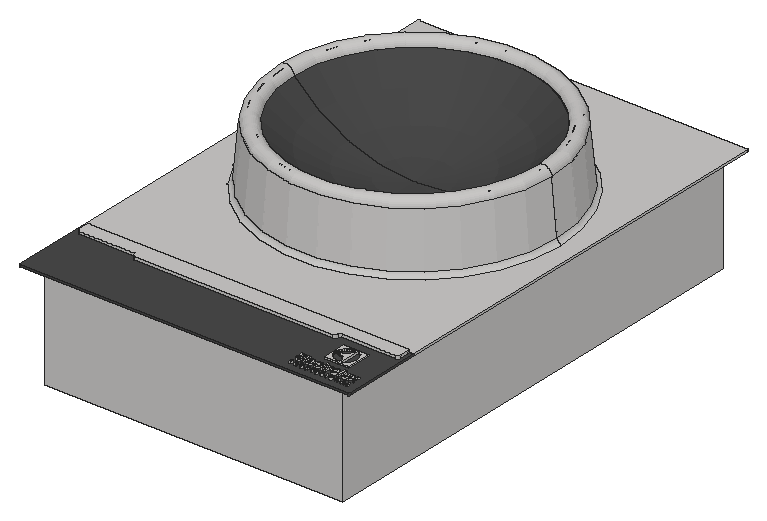
Revit family "QF_ELECTROLUXPROFESSIONAL_600880_E1HCEDOMCS", category Specialty Equipment, Revit 2018
Family settings
  Round Connector Dimension = Use Diameter
  Part Type = Normal
  Work Plane-Based = No
  Always vertical = Yes
  Cut with Voids When Loaded = No
  Shared = No
  Room Calculation Point = No
Parameters (values of type "Standard")
  Watts = 0 W
  Volts = 220 V
  URL = "http://professional.electrolux.com"
  Steam Supply Size = 0 mm
  Steam Supply Minimum Pressure = 0.0 Pa
  Steam Supply Maximum Pressure = 0.0 Pa
  Steam Pounds per Hour = 0
  Show Logo [instance] = yes
  Manufacturer = "Electrolux Professional"
  Phase = 1
  Model = "E1HCEDOMCS"
  Item Number = "600880"
  Hot Water Size = 0 mm
  HP = "4.7 HP"
  Gas Size = 0 mm
  Gas KW = 0
  Direct Waste Size = 0 mm
  Description = "PLUG-IN INDUCTION WOK, DROP-IN"
  Cycle = 60 Hz
  Condensate Return Size = 0 mm
  Compressed Air Volume = 0.0 L/s
  Compressed Air Size = 0 mm
  Compressed Air Pressure = 0.0 Pa
  Cold Water Size = 0 mm
Values of the unnamed type that differ from the named types
  Volts = 0 V
  Item Number = ""
  Cycle = 0 Hz
Reference planes
  plane 1 "Centro (Fronte/Retro)": y = 74.737
  plane 2: z = 0
  plane 3: x = -514.269
  plane 4 "LEFT": x = -709.269
  plane 5 "RIGHT": x = -319.269
  plane 6 "BACK": y = 369.737
  plane 7 "FRONT": y = -220.263
  plane 8: y = -124.263
  plane 9: z = 774
  plane 10: x = -690.269
  plane 11: x = -338.269
  plane 12: y = 355.737
  plane 13: y = -205.263
  plane 14: x = -442.269
  plane 15: y = 179.737
  plane 16: z = 900
Forms (mm)
  Extrusion 1, solid, material "QF_Finishes_Stainless Steel"
    sketch origin (0, 0, 774) x (1, 0, 0) y (0, 1, 0)
      loop
        line (-341.269, 352.737) -> (-687.269, 352.737) -> (-687.269, -202.263) -> (-341.269, -202.263) -> (-341.269, 352.737)
      loop
        line (-690.269, 355.737) -> (-690.269, -205.263) -> (-338.269, -205.263) -> (-338.269, 355.737) -> (-690.269, 355.737)
    from 21 to 126
  Extrusion 2, solid, material "QF_Finishes_Black"
    sketch origin (0, 0, 900) x (-1, 0, 0) y (0, -1, 0)
      loop
        line (709.269, 124.263) -> (709.269, 218.263)
        arc (709.269, 218.263) -> (708.683, 219.677) -> (707.269, 220.263) r 2
        line (707.269, 220.263) -> (321.269, 220.263)
        arc (321.269, 220.263) -> (319.854, 219.677) -> (319.269, 218.263) r 2
        line (319.269, 218.263) -> (319.269, 124.263) -> (709.269, 124.263)
    from 0 to 2
  Extrusion 3, solid, material "QF_Finishes_Stainless Steel"
    sketch origin (0, 0, 900) x (-1, 0, 0) y (0, -1, 0)
      loop
        arc (701.269, 124.263) -> (703.39, 125.142) -> (704.269, 127.263) r 3
        line (704.269, 127.263) -> (704.269, 137.763)
        arc (704.269, 137.763) -> (703.39, 139.884) -> (701.269, 140.763) r 3
        line (701.269, 140.763) -> (637.269, 140.763)
        arc (637.269, 140.763) -> (635.147, 141.642) -> (634.269, 143.763) r 3
        arc (634.269, 143.763) -> (633.39, 145.884) -> (631.269, 146.763) r 3
        line (631.269, 146.763) -> (397.269, 146.763)
        arc (397.269, 146.763) -> (395.147, 145.884) -> (394.269, 143.763) r 3
        arc (394.269, 143.763) -> (393.39, 141.642) -> (391.269, 140.763) r 3
        line (391.269, 140.763) -> (327.269, 140.763)
        arc (327.269, 140.763) -> (325.147, 139.884) -> (324.269, 137.763) r 3
        line (324.269, 137.763) -> (324.269, 127.263)
        arc (324.269, 127.263) -> (325.147, 125.142) -> (327.269, 124.263) r 3
        line (327.269, 124.263) -> (701.269, 124.263)
    from 2 to 5
  Extrusion 4, solid, material "QF_Finishes_Stainless Steel"
    sketch origin (0, 0, 775) x (1, 0, 0) y (0, 1, 0)
      loop
        line (-690.269, 355.737) -> (-690.269, -205.263) -> (-338.269, -205.263) -> (-338.269, 355.737) -> (-690.269, 355.737)
    from 0 to 20
  Extrusion 5, solid, material "QF_Finishes_Stainless Steel"
    sketch origin (0, 0, 127) x (-1, 0, 0) y (0, -1, 0)
      loop
        circle (442.269, -179.737) r 10
    from 638.028 to 648
  Revolve 6, solid, material "QF_Finishes_Stainless Steel"
    sketch origin (0, 120.237, 2) x (-1, 0, 0) y (0, 0, 1)
      loop
        arc (349.07, 900) -> (350.454, 902.553) -> (351.23, 905.352) r 12.856
        line (351.23, 905.352) -> (357.255, 968.615)
        arc (357.255, 968.615) -> (361.677, 972.996) -> (366.45, 969) r 4.622
        line (366.45, 969) -> (371.472, 969)
        arc (371.472, 969) -> (361.87, 978) -> (352.269, 969) r 9.622
        line (352.269, 969) -> (346.269, 906)
        arc (346.269, 906) -> (344.567, 902.335) -> (341.269, 900) r 7.856
        line (341.269, 900) -> (349.07, 900)
      axis (514.269, 900) -> (514.269, 969)
    angle from 0 to 360
  Revolve 7, solid, material "QF_Finishes_Black"
    sketch origin (0, 120.237, 2) x (-1, 0, 0) y (0, 0, 1)
      loop
        line (371.472, 969) -> (366.45, 969)
        arc (366.45, 969) -> (432.848, 918.929) -> (514.269, 902) r 190.056
        line (514.269, 902) -> (514.269, 906)
        arc (514.269, 906) -> (436.232, 922.453) -> (371.472, 969) r 193.372
      axis (514.269, 969) -> (514.269, 902)
    angle from 0 to 360
  Extrusion 8, solid, material "QF_Finishes_Stainless Steel"
    sketch origin (0, 96, 900) x (-1, 0, 0) y (0, -1, 0)
      loop
        arc (707.269, -273.737) -> (708.683, -273.151) -> (709.269, -271.737) r 2
        line (709.269, -271.737) -> (709.269, 220.263) -> (319.269, 220.263) -> (319.269, -271.737)
        arc (319.269, -271.737) -> (319.854, -273.151) -> (321.269, -273.737) r 2
        line (321.269, -273.737) -> (707.269, -273.737)
    from 0 to 2
Cuts and joins
  joined: Extrusion 1, Extrusion 4
Lines and regions (mm)
  Split face 1
    outline origin (0, 0, 902) x (-1, 0, 0) y (0, -1, 0)
      loop
        line (324.269, 124.263) -> (704.269, 124.263) -> (704.269, 623.263) -> (324.269, 623.263) -> (324.269, 124.263)
  symbolic lines
    curve 1: line (-701.269, -140.763, 126) -> (-637.269, -140.763, 126)
    curve 2: arc (-637.269, -140.763, 126) -> (-635.147, -141.642, 126) -> (-634.269, -143.763, 126) r 3
    curve 3: arc (-634.269, -143.763, 126) -> (-633.39, -145.884, 126) -> (-631.269, -146.763, 126) r 3
    curve 4: line (-631.269, -146.763, 126) -> (-397.269, -146.763, 126)
    curve 5: arc (-397.269, -146.763, 126) -> (-395.147, -145.884, 126) -> (-394.269, -143.763, 126) r 3
    curve 6: arc (-394.269, -143.763, 126) -> (-393.39, -141.642, 126) -> (-391.269, -140.763, 126) r 3
    curve 7: line (-391.269, -140.763, 126) -> (-327.269, -140.763, 126)
    curve 8: arc (-327.269, -140.763, 126) -> (-325.147, -139.884, 126) -> (-324.269, -137.763, 126) r 3
    curve 9: line (-324.269, -137.763, 126) -> (-324.269, -127.263, 126)
    curve 10: arc (-324.269, -127.263, 126) -> (-325.147, -125.142, 126) -> (-327.269, -124.263, 126) r 3
    curve 11: line (-319.269, -124.263, 126) -> (-709.269, -124.263, 126)
    curve 12: arc (-701.269, -124.263, 126) -> (-703.39, -125.142, 126) -> (-704.269, -127.263, 126) r 3
    curve 13: line (-704.269, -127.263, 126) -> (-704.269, -137.763, 126)
    curve 14: arc (-704.269, -137.763, 126) -> (-703.39, -139.884, 126) -> (-701.269, -140.763, 126) r 3
    curve 15: line (-321.269, 369.737, 126) -> (-707.269, 369.737, 126)
    curve 16: arc (-707.269, 369.737, 126) -> (-708.683, 369.151, 126) -> (-709.269, 367.737, 126) r 2
    curve 17: line (-709.269, 367.737, 126) -> (-709.269, -218.263, 126)
    curve 18: arc (-709.269, -218.263, 126) -> (-708.683, -219.677, 126) -> (-707.269, -220.263, 126) r 2
    curve 19: line (-707.269, -220.263, 126) -> (-321.269, -220.263, 126)
    curve 20: arc (-321.269, -220.263, 126) -> (-319.854, -219.677, 126) -> (-319.269, -218.263, 126) r 2
    curve 21: line (-319.269, -218.263, 126) -> (-319.269, 367.737, 126)
    curve 22: arc (-319.269, 367.737, 126) -> (-319.854, 369.151, 126) -> (-321.269, 369.737, 126) r 2
    curve 23: line (-378.626, -153.452, 126) -> (-378.626, -182.168, 126)
    curve 24: line (-349.912, -153.452, 126) -> (-378.626, -153.452, 126)
    curve 25: line (-349.912, -182.168, 126) -> (-349.912, -153.452, 126)
    curve 26: line (-378.626, -182.168, 126) -> (-349.912, -182.168, 126)
    curve 27: line (-366.78, -170.975, 126) -> (-365.524, -171.98, 126)
    curve 28: line (-365.524, -171.98, 126) -> (-364.403, -173.12, 126)
    curve 29: line (-364.403, -173.12, 126) -> (-363.439, -174.381, 126)
    curve 30: line (-363.439, -174.381, 126) -> (-362.652, -175.748, 126)
    curve 31: arc (-362.652, -175.748, 126) -> (-361.85, -177.982, 126) -> (-361.568, -180.34, 126) r 10.532
    curve 32: arc (-361.568, -180.34, 126) -> (-362.906, -180.548, 126) -> (-364.258, -180.63, 126) r 14.39
    curve 33: line (-364.258, -180.63, 126) -> (-365.828, -180.532, 126)
    curve 34: line (-365.828, -180.532, 126) -> (-367.331, -180.252, 126)
    curve 35: line (-367.331, -180.252, 126) -> (-368.77, -179.801, 126)
    curve 36: line (-368.77, -179.801, 126) -> (-370.134, -179.191, 126)
    curve 37: line (-370.134, -179.191, 126) -> (-371.411, -178.434, 126)
    curve 38: line (-371.411, -178.434, 126) -> (-372.589, -177.541, 126)
    curve 39: line (-372.589, -177.541, 126) -> (-373.656, -176.525, 126)
    curve 40: line (-373.656, -176.525, 126) -> (-374.6, -175.397, 126)
    curve 41: line (-374.6, -175.397, 126) -> (-375.41, -174.168, 126)
    curve 42: line (-375.41, -174.168, 126) -> (-376.073, -172.852, 126)
    curve 43: line (-376.073, -172.852, 126) -> (-376.579, -171.46, 126)
    curve 44: line (-376.579, -171.46, 126) -> (-376.915, -170.003, 126)
    curve 45: line (-376.915, -170.003, 126) -> (-377.069, -168.493, 126)
    curve 46: line (-377.069, -168.493, 126) -> (-374.35, -168.493, 126)
    curve 47: line (-374.35, -168.493, 126) -> (-372.734, -168.602, 126)
    curve 48: line (-372.734, -168.602, 126) -> (-371.148, -168.919, 126)
    curve 49: line (-371.148, -168.919, 126) -> (-369.613, -169.43, 126)
    curve 50: line (-369.613, -169.43, 126) -> (-368.15, -170.12, 126)
    curve 51: line (-368.15, -170.12, 126) -> (-366.78, -170.975, 126)
    curve 52: line (-364.403, -162.507, 126) -> (-365.524, -163.648, 126)
    curve 53: line (-365.524, -163.648, 126) -> (-366.781, -164.654, 126)
    curve 54: line (-366.781, -164.654, 126) -> (-368.151, -165.509, 126)
    curve 55: line (-368.151, -165.509, 126) -> (-369.615, -166.2, 126)
    curve 56: line (-369.615, -166.2, 126) -> (-371.15, -166.712, 126)
    curve 57: line (-371.15, -166.712, 126) -> (-372.736, -167.029, 126)
    curve 58: line (-372.736, -167.029, 126) -> (-374.352, -167.138, 126)
    curve 59: line (-374.352, -167.138, 126) -> (-377.067, -167.138, 126)
    curve 60: line (-377.067, -167.138, 126) -> (-376.852, -165.495, 126)
    curve 61: line (-376.852, -165.495, 126) -> (-376.439, -163.92, 126)
    curve 62: line (-376.439, -163.92, 126) -> (-375.841, -162.424, 126)
    curve 63: line (-375.841, -162.424, 126) -> (-375.07, -161.023, 126)
    curve 64: line (-375.07, -161.023, 126) -> (-374.141, -159.732, 126)
    curve 65: line (-374.141, -159.732, 126) -> (-373.065, -158.564, 126)
    curve 66: line (-373.065, -158.564, 126) -> (-371.856, -157.535, 126)
    curve 67: line (-371.856, -157.535, 126) -> (-370.527, -156.661, 126)
    curve 68: line (-370.527, -156.661, 126) -> (-369.091, -155.954, 126)
    curve 69: line (-369.091, -155.954, 126) -> (-367.562, -155.431, 126)
    curve 70: line (-367.562, -155.431, 126) -> (-365.952, -155.107, 126)
    curve 71: arc (-365.952, -155.107, 126) -> (-363.752, -155.007, 126) -> (-361.567, -155.279, 126) r 13.008
    curve 72: arc (-361.567, -155.279, 126) -> (-361.815, -157.647, 126) -> (-362.651, -159.876, 126) r 9.395
    curve 73: line (-362.651, -159.876, 126) -> (-363.438, -161.245, 126)
    curve 74: line (-363.438, -161.245, 126) -> (-364.403, -162.507, 126)
    curve 75: line (-360.221, -179.969, 126) -> (-360.221, -155.646, 126)
    curve 76: line (-360.221, -155.646, 126) -> (-358.743, -156.237, 126)
    curve 77: line (-358.743, -156.237, 126) -> (-357.363, -157.003, 126)
    curve 78: line (-357.363, -157.003, 126) -> (-356.095, -157.931, 126)
    curve 79: line (-356.095, -157.931, 126) -> (-354.951, -159.007, 126)
    curve 80: line (-354.951, -159.007, 126) -> (-353.945, -160.217, 126)
    curve 81: line (-353.945, -160.217, 126) -> (-353.092, -161.548, 126)
    curve 82: line (-353.092, -161.548, 126) -> (-352.403, -162.986, 126)
    curve 83: line (-352.403, -162.986, 126) -> (-351.894, -164.517, 126)
    curve 84: line (-351.894, -164.517, 126) -> (-351.576, -166.128, 126)
    curve 85: line (-351.576, -166.128, 126) -> (-351.464, -167.804, 126)
    curve 86: line (-351.464, -167.804, 126) -> (-351.567, -169.456, 126)
    curve 87: line (-351.567, -169.456, 126) -> (-351.873, -171.047, 126)
    curve 88: line (-351.873, -171.047, 126) -> (-352.372, -172.563, 126)
    curve 89: line (-352.372, -172.563, 126) -> (-353.05, -173.992, 126)
    curve 90: line (-353.05, -173.992, 126) -> (-353.897, -175.319, 126)
    curve 91: line (-353.897, -175.319, 126) -> (-354.899, -176.532, 126)
    curve 92: line (-354.899, -176.532, 126) -> (-356.044, -177.617, 126)
    curve 93: line (-356.044, -177.617, 126) -> (-357.321, -178.56, 126)
    curve 94: line (-357.321, -178.56, 126) -> (-358.718, -179.349, 126)
    curve 95: line (-358.718, -179.349, 126) -> (-360.221, -179.969, 126)
    curve 96: line (-392.542, -189.445, 126) -> (-399.495, -189.445, 126)
    curve 97: line (-399.495, -189.445, 126) -> (-399.495, -193.353, 126)
    curve 98: line (-399.495, -193.353, 126) -> (-399.495, -197.154, 126)
    curve 99: arc (-399.495, -197.154, 126) -> (-398.466, -199.638, 126) -> (-395.982, -200.667, 126) r 3.513
    curve 100: line (-395.982, -200.667, 126) -> (-392.408, -200.667, 126)
    curve 101: line (-392.408, -200.667, 126) -> (-392.408, -198.85, 126)
    curve 102: line (-392.408, -198.85, 126) -> (-395.966, -198.85, 126)
    curve 103: arc (-395.966, -198.85, 126) -> (-397.094, -198.382, 126) -> (-397.562, -197.254, 126) r 1.596
    curve 104: line (-397.562, -197.254, 126) -> (-397.562, -195.74, 126)
    curve 105: line (-397.562, -195.74, 126) -> (-392.843, -195.74, 126)
    curve 106: line (-392.843, -195.74, 126) -> (-392.843, -193.917, 126)
    curve 107: line (-392.843, -193.917, 126) -> (-397.563, -193.917, 126)
    curve 108: line (-397.563, -193.917, 126) -> (-397.563, -191.264, 126)
    curve 109: line (-397.563, -191.264, 126) -> (-392.542, -191.264, 126)
    curve 110: line (-392.542, -191.264, 126) -> (-392.542, -189.445, 126)
    curve 111: line (-391.035, -189.455, 126) -> (-391.035, -194.76, 126)
    curve 112: line (-391.035, -194.76, 126) -> (-391.035, -200.681, 126)
    curve 113: line (-391.035, -200.681, 126) -> (-389.101, -200.681, 126)
    curve 114: line (-389.101, -200.681, 126) -> (-389.101, -194.721, 126)
    curve 115: line (-389.101, -194.721, 126) -> (-389.101, -189.455, 126)
    curve 116: line (-389.101, -189.455, 126) -> (-391.035, -189.455, 126)
    curve 117: arc (-380.394, -193.787, 126) -> (-383.654, -192.313, 126) -> (-386.913, -193.787, 126) r 4.34
    curve 118: arc (-386.913, -193.787, 126) -> (-387.819, -196.606, 126) -> (-386.913, -199.425, 126) r 4.838
    curve 119: arc (-386.913, -199.425, 126) -> (-383.498, -200.88, 126) -> (-380.082, -199.425, 126) r 4.737
    curve 120: line (-380.082, -199.425, 126) -> (-381.246, -198.293, 126)
    curve 121: arc (-381.246, -198.293, 126) -> (-383.382, -199.237, 126) -> (-385.517, -198.293, 126) r 2.888
    curve 122: arc (-385.517, -198.293, 126) -> (-385.841, -197.736, 126) -> (-385.905, -197.095, 126) r 1.527
    curve 123: line (-385.905, -197.095, 126) -> (-379.564, -197.095, 126)
    curve 124: arc (-379.564, -197.095, 126) -> (-379.672, -195.364, 126) -> (-380.394, -193.787, 126) r 4.757
    curve 125: arc (-385.858, -195.736, 126) -> (-385.043, -194.411, 126) -> (-383.56, -193.941, 126) r 2.23
    curve 126: arc (-383.56, -193.941, 126) -> (-382.221, -194.482, 126) -> (-381.505, -195.736, 126) r 2.201
    curve 127: line (-381.505, -195.736, 126) -> (-385.858, -195.736, 126)
    curve 128: arc (-370.832, -193.681, 126) -> (-378.564, -196.594, 126) -> (-370.832, -199.507, 126) r 4.415
    curve 129: line (-370.832, -199.507, 126) -> (-372.029, -198.26, 126)
    curve 130: arc (-372.029, -198.26, 126) -> (-376.639, -196.593, 126) -> (-372.029, -194.927, 126) r 2.606
    curve 131: line (-372.029, -194.927, 126) -> (-370.832, -193.681, 126)
    curve 132: line (-369.629, -189.455, 126) -> (-369.629, -193.481, 126)
    curve 133: line (-369.629, -193.481, 126) -> (-369.629, -197.299, 126)
    curve 134: arc (-369.629, -197.299, 126) -> (-368.592, -199.893, 126) -> (-365.911, -200.681, 126) r 3.196
    curve 135: line (-365.911, -200.681, 126) -> (-365.904, -198.864, 126)
    curve 136: arc (-365.904, -198.864, 126) -> (-367.239, -198.457, 126) -> (-367.699, -197.14, 126) r 1.542
    curve 137: line (-367.699, -197.14, 126) -> (-367.699, -194.319, 126)
    curve 138: line (-367.699, -194.319, 126) -> (-365.94, -194.319, 126)
    curve 139: line (-365.94, -194.319, 126) -> (-365.94, -192.562, 126)
    curve 140: line (-365.94, -192.562, 126) -> (-367.696, -192.562, 126)
    curve 141: line (-367.696, -192.562, 126) -> (-367.696, -189.455, 126)
    curve 142: line (-367.696, -189.455, 126) -> (-369.629, -189.455, 126)
    curve 143: arc (-359.402, -192.451, 126) -> (-361.13, -192.587, 126) -> (-362.397, -193.771, 126) r 2.627
    curve 144: line (-362.397, -193.771, 126) -> (-362.397, -192.563, 126)
    curve 145: line (-362.397, -192.563, 126) -> (-364.315, -192.563, 126)
    curve 146: line (-364.315, -192.563, 126) -> (-364.315, -196.541, 126)
    curve 147: line (-364.315, -196.541, 126) -> (-364.315, -200.681, 126)
    curve 148: line (-364.315, -200.681, 126) -> (-362.397, -200.681, 126)
    curve 149: line (-362.397, -200.681, 126) -> (-362.397, -196.412, 126)
    curve 150: arc (-362.397, -196.412, 126) -> (-361.445, -194.585, 126) -> (-359.402, -194.319, 126) r 2.229
    curve 151: line (-359.402, -194.319, 126) -> (-359.402, -192.451, 126)
    curve 152: arc (-359.088, -196.625, 126) -> (-354.668, -201.046, 126) -> (-350.248, -196.625, 126) r 4.42
    curve 153: arc (-350.248, -196.625, 126) -> (-354.668, -192.205, 126) -> (-359.088, -196.625, 126) r 4.42
    curve 154: arc (-357.176, -196.625, 126) -> (-354.668, -194.117, 126) -> (-352.16, -196.625, 126) r 2.508
    curve 155: arc (-352.16, -196.625, 126) -> (-354.668, -199.134, 126) -> (-357.176, -196.625, 126) r 2.508
    curve 156: line (-349.058, -194.566, 126) -> (-349.058, -200.682, 126)
    curve 157: line (-349.058, -200.682, 126) -> (-347.124, -200.682, 126)
    curve 158: line (-347.124, -200.682, 126) -> (-347.124, -194.643, 126)
    curve 159: line (-347.124, -194.643, 126) -> (-347.124, -189.454, 126)
    curve 160: line (-347.124, -189.454, 126) -> (-349.058, -189.454, 126)
    curve 161: line (-349.058, -189.454, 126) -> (-349.058, -194.566, 126)
    curve 162: line (-345.646, -192.562, 126) -> (-345.646, -194.915, 126)
    curve 163: line (-345.646, -194.915, 126) -> (-345.646, -197.715, 126)
    curve 164: arc (-345.646, -197.715, 126) -> (-341.931, -201.044, 126) -> (-338.204, -197.728, 126) r 3.745
    curve 165: line (-338.204, -197.728, 126) -> (-338.204, -194.915, 126)
    curve 166: line (-338.204, -194.915, 126) -> (-338.204, -192.562, 126)
    curve 167: line (-338.204, -192.562, 126) -> (-340.152, -192.562, 126)
    curve 168: line (-340.152, -192.562, 126) -> (-340.152, -197.299, 126)
    curve 169: arc (-340.152, -197.299, 126) -> (-341.925, -199.071, 126) -> (-343.697, -197.299, 126) r 1.772
    curve 170: line (-343.697, -197.299, 126) -> (-343.697, -192.562, 126)
    curve 171: line (-343.697, -192.562, 126) -> (-345.646, -192.562, 126)
    curve 172: line (-331.418, -192.563, 126) -> (-333.174, -194.995, 126)
    curve 173: line (-333.174, -194.995, 126) -> (-334.946, -192.563, 126)
    curve 174: line (-334.946, -192.563, 126) -> (-337.039, -192.563, 126)
    curve 175: line (-337.039, -192.563, 126) -> (-335.839, -194.205, 126)
    curve 176: line (-335.839, -194.205, 126) -> (-334.237, -196.397, 126)
    curve 177: line (-334.237, -196.397, 126) -> (-335.916, -198.735, 126)
    curve 178: line (-335.916, -198.735, 126) -> (-337.313, -200.682, 126)
    curve 179: line (-337.313, -200.682, 126) -> (-335.235, -200.682, 126)
    curve 180: line (-335.235, -200.682, 126) -> (-333.174, -197.813, 126)
    curve 181: line (-333.174, -197.813, 126) -> (-331.112, -200.682, 126)
    curve 182: line (-331.112, -200.682, 126) -> (-329.034, -200.682, 126)
    curve 183: line (-329.034, -200.682, 126) -> (-330.891, -198.085, 126)
    curve 184: line (-330.891, -198.085, 126) -> (-332.11, -196.38, 126)
    curve 185: line (-332.11, -196.38, 126) -> (-330.601, -194.325, 126)
    curve 186: line (-330.601, -194.325, 126) -> (-329.308, -192.563, 126)
    curve 187: line (-329.308, -192.563, 126) -> (-331.418, -192.563, 126)
    curve 188: line (-331.398, -205.699, 126) -> (-331.398, -209.59, 126)
    curve 189: line (-331.398, -209.59, 126) -> (-329.102, -209.59, 126)
    curve 190: line (-329.102, -209.59, 126) -> (-329.102, -208.79, 126)
    curve 191: line (-329.102, -208.79, 126) -> (-330.599, -208.79, 126)
    curve 192: line (-330.599, -208.79, 126) -> (-330.599, -205.699, 126)
    curve 193: line (-330.599, -205.699, 126) -> (-331.398, -205.699, 126)
    curve 194: line (-334.574, -209.59, 126) -> (-336.095, -205.7, 126)
    curve 195: line (-336.095, -205.7, 126) -> (-336.895, -205.7, 126)
    curve 196: line (-336.895, -205.7, 126) -> (-338.488, -209.59, 126)
    curve 197: line (-338.488, -209.59, 126) -> (-337.629, -209.59, 126)
    curve 198: line (-337.629, -209.59, 126) -> (-337.25, -208.75, 126)
    curve 199: line (-337.25, -208.75, 126) -> (-335.811, -208.75, 126)
    curve 200: line (-335.811, -208.75, 126) -> (-335.432, -209.59, 126)
    curve 201: line (-335.432, -209.59, 126) -> (-334.574, -209.59, 126)
    curve 202: line (-336.947, -207.983, 126) -> (-336.529, -206.965, 126)
    curve 203: line (-336.529, -206.965, 126) -> (-336.131, -207.983, 126)
    curve 204: line (-336.131, -207.983, 126) -> (-336.947, -207.983, 126)
    curve 205: line (-341.641, -209.59, 126) -> (-341.641, -205.699, 126)
    curve 206: line (-341.641, -205.699, 126) -> (-342.471, -205.699, 126)
    curve 207: line (-342.471, -205.699, 126) -> (-342.471, -208.219, 126)
    curve 208: line (-342.471, -208.219, 126) -> (-344.251, -205.699, 126)
    curve 209: line (-344.251, -205.699, 126) -> (-345.051, -205.699, 126)
    curve 210: line (-345.051, -205.699, 126) -> (-345.051, -209.59, 126)
    curve 211: line (-345.051, -209.59, 126) -> (-344.221, -209.59, 126)
    curve 212: line (-344.221, -209.59, 126) -> (-344.221, -207.143, 126)
    curve 213: line (-344.221, -207.143, 126) -> (-342.441, -209.59, 126)
    curve 214: line (-342.441, -209.59, 126) -> (-341.641, -209.59, 126)
    curve 215: arc (-349.119, -207.668, 126) -> (-350.407, -208.956, 126) -> (-351.695, -207.668, 126) r 1.288
    curve 216: arc (-351.695, -207.668, 126) -> (-350.407, -206.38, 126) -> (-349.119, -207.668, 126) r 1.288
    curve 217: arc (-348.342, -207.668, 126) -> (-350.407, -205.603, 126) -> (-352.472, -207.668, 126) r 2.065
    curve 218: arc (-352.472, -207.668, 126) -> (-350.407, -209.733, 126) -> (-348.342, -207.668, 126) r 2.065
    curve 219: line (-355.791, -209.59, 126) -> (-355.791, -205.699, 126)
    curve 220: line (-355.791, -205.699, 126) -> (-356.591, -205.699, 126)
    curve 221: line (-356.591, -205.699, 126) -> (-356.591, -209.59, 126)
    curve 222: line (-356.591, -209.59, 126) -> (-355.791, -209.59, 126)
    curve 223: arc (-360.746, -209.568, 126) -> (-359.926, -208.793, 126) -> (-360.211, -207.702, 126) r 1.107
    curve 224: arc (-360.211, -207.702, 126) -> (-360.788, -207.348, 126) -> (-361.405, -207.067, 126) r 5.523
    curve 225: arc (-361.405, -207.067, 126) -> (-361.745, -206.55, 126) -> (-361.183, -206.293, 126) r 0.407
    curve 226: arc (-361.183, -206.293, 126) -> (-360.846, -206.498, 126) -> (-360.566, -206.775, 126) r 1.702
    curve 227: line (-360.566, -206.775, 126) -> (-359.88, -206.363, 126)
    curve 228: arc (-359.88, -206.363, 126) -> (-360.313, -205.902, 126) -> (-360.848, -205.566, 126) r 2.463
    curve 229: arc (-360.848, -205.566, 126) -> (-362.518, -206.347, 126) -> (-361.471, -207.864, 126) r 1.207
    curve 230: line (-361.471, -207.864, 126) -> (-361.009, -208.812, 126)
    curve 231: arc (-361.009, -208.812, 126) -> (-361.653, -208.798, 126) -> (-362.132, -208.367, 126) r 0.925
    curve 232: line (-362.132, -208.367, 126) -> (-362.851, -208.718, 126)
    curve 233: arc (-362.851, -208.718, 126) -> (-361.958, -209.538, 126) -> (-360.746, -209.568, 126) r 1.725
    curve 234: arc (-366.606, -209.568, 126) -> (-365.785, -208.793, 126) -> (-366.071, -207.702, 126) r 1.107
    curve 235: arc (-366.071, -207.702, 126) -> (-366.648, -207.348, 126) -> (-367.264, -207.067, 126) r 5.523
    curve 236: arc (-367.264, -207.067, 126) -> (-367.604, -206.55, 126) -> (-367.043, -206.293, 126) r 0.407
    curve 237: arc (-367.043, -206.293, 126) -> (-366.706, -206.498, 126) -> (-366.425, -206.775, 126) r 1.702
    curve 238: line (-366.425, -206.775, 126) -> (-365.74, -206.363, 126)
    curve 239: arc (-365.74, -206.363, 126) -> (-366.172, -205.902, 126) -> (-366.708, -205.566, 126) r 2.463
    curve 240: arc (-366.708, -205.566, 126) -> (-368.378, -206.347, 126) -> (-367.331, -207.864, 126) r 1.207
    curve 241: line (-367.331, -207.864, 126) -> (-366.868, -208.812, 126)
    curve 242: arc (-366.868, -208.812, 126) -> (-367.513, -208.798, 126) -> (-367.991, -208.367, 126) r 0.925
    curve 243: line (-367.991, -208.367, 126) -> (-368.711, -208.718, 126)
    curve 244: arc (-368.711, -208.718, 126) -> (-367.818, -209.538, 126) -> (-366.606, -209.568, 126) r 1.725
    curve 245: line (-373.017, -209.59, 126) -> (-371.761, -209.59, 126)
    curve 246: line (-371.761, -209.59, 126) -> (-371.761, -208.79, 126)
    curve 247: line (-371.761, -208.79, 126) -> (-372.922, -208.79, 126)
    curve 248: arc (-372.922, -208.79, 126) -> (-373.361, -208.576, 126) -> (-373.464, -208.099, 126) r 0.558
    curve 249: line (-373.464, -208.099, 126) -> (-371.907, -208.099, 126)
    curve 250: line (-371.907, -208.099, 126) -> (-371.907, -207.299, 126)
    curve 251: line (-371.907, -207.299, 126) -> (-373.464, -207.299, 126)
    curve 252: line (-373.464, -207.299, 126) -> (-373.464, -206.499, 126)
    curve 253: line (-373.464, -206.499, 126) -> (-371.799, -206.499, 126)
    curve 254: line (-371.799, -206.499, 126) -> (-371.799, -205.699, 126)
    curve 255: line (-371.799, -205.699, 126) -> (-374.264, -205.699, 126)
    curve 256: line (-374.264, -205.699, 126) -> (-374.264, -208.344, 126)
    curve 257: arc (-374.264, -208.344, 126) -> (-373.899, -209.225, 126) -> (-373.017, -209.59, 126) r 1.246
    curve 258: line (-379.169, -209.59, 126) -> (-379.169, -208.099, 126)
    curve 259: line (-379.169, -208.099, 126) -> (-377.704, -208.099, 126)
    curve 260: line (-377.704, -208.099, 126) -> (-377.704, -207.299, 126)
    curve 261: line (-377.704, -207.299, 126) -> (-379.169, -207.299, 126)
    curve 262: line (-379.169, -207.299, 126) -> (-379.169, -206.499, 126)
    curve 263: line (-379.169, -206.499, 126) -> (-377.564, -206.499, 126)
    curve 264: line (-377.564, -206.499, 126) -> (-377.564, -205.699, 126)
    curve 265: line (-377.564, -205.699, 126) -> (-379.969, -205.699, 126)
    curve 266: line (-379.969, -205.699, 126) -> (-379.969, -209.59, 126)
    curve 267: line (-379.969, -209.59, 126) -> (-379.169, -209.59, 126)
    curve 268: arc (-387.472, -207.668, 126) -> (-385.407, -209.733, 126) -> (-383.342, -207.668, 126) r 2.065
    curve 269: arc (-384.119, -207.668, 126) -> (-385.407, -208.956, 126) -> (-386.695, -207.668, 126) r 1.288
    curve 270: arc (-386.695, -207.668, 126) -> (-385.407, -206.38, 126) -> (-384.119, -207.668, 126) r 1.288
    curve 271: arc (-383.342, -207.668, 126) -> (-385.407, -205.603, 126) -> (-387.472, -207.668, 126) r 2.065
    curve 272: line (-390.05, -209.59, 126) -> (-391.058, -207.929, 126)
    curve 273: arc (-391.058, -207.929, 126) -> (-390.677, -206.531, 126) -> (-391.863, -205.699, 126) r 1.26
    curve 274: line (-391.863, -205.699, 126) -> (-393.389, -205.699, 126)
    curve 275: line (-393.389, -205.699, 126) -> (-393.389, -209.59, 126)
    curve 276: line (-393.389, -209.59, 126) -> (-392.589, -209.59, 126)
    curve 277: line (-392.589, -209.59, 126) -> (-392.589, -208.249, 126)
    curve 278: line (-392.589, -208.249, 126) -> (-391.763, -208.249, 126)
    curve 279: line (-391.763, -208.249, 126) -> (-390.957, -209.59, 126)
    curve 280: line (-390.957, -209.59, 126) -> (-390.05, -209.59, 126)
    curve 281: line (-391.782, -207.52, 126) -> (-392.589, -207.52, 126)
    curve 282: line (-392.589, -207.52, 126) -> (-392.589, -206.434, 126)
    curve 283: line (-392.589, -206.434, 126) -> (-391.782, -206.434, 126)
    curve 284: arc (-391.782, -206.434, 126) -> (-391.383, -206.977, 126) -> (-391.782, -207.52, 126) r 0.569
    curve 285: line (-398.667, -209.59, 126) -> (-398.667, -208.271, 126)
    curve 286: line (-398.667, -208.271, 126) -> (-397.697, -208.271, 126)
    curve 287: arc (-397.697, -208.271, 126) -> (-396.674, -206.863, 126) -> (-397.967, -205.699, 126) r 1.3
    curve 288: line (-397.967, -205.699, 126) -> (-399.467, -205.699, 126)
    curve 289: line (-399.467, -205.699, 126) -> (-399.467, -209.59, 126)
    curve 290: line (-399.467, -209.59, 126) -> (-398.667, -209.59, 126)
    curve 291: line (-397.861, -207.52, 126) -> (-398.667, -207.52, 126)
    curve 292: line (-398.667, -207.52, 126) -> (-398.667, -206.434, 126)
    curve 293: line (-398.667, -206.434, 126) -> (-397.861, -206.434, 126)
    curve 294: arc (-397.861, -206.434, 126) -> (-397.461, -206.977, 126) -> (-397.861, -207.52, 126) r 0.569
    curve 295: arc (-687.269, 120.237, 126) -> (-514.269, 293.237, 126) -> (-341.269, 120.237, 126) r 173
    curve 296: arc (-341.269, 120.237, 126) -> (-514.269, -52.763, 126) -> (-687.269, 120.237, 126) r 173
    curve 297: arc (-682.269, 120.237, 126) -> (-514.269, -47.763, 126) -> (-346.269, 120.237, 126) r 168
    curve 298: arc (-657.065, 120.237, 126) -> (-514.269, -22.56, 126) -> (-371.472, 120.237, 126) r 142.797
    curve 299: arc (-371.472, 120.237, 126) -> (-514.269, 263.034, 126) -> (-657.065, 120.237, 126) r 142.797
    curve 300: arc (-346.269, 120.237, 126) -> (-514.269, 288.237, 126) -> (-682.269, 120.237, 126) r 168
    curve 301: arc (-352.269, 120.237, 126) -> (-514.269, 282.237, 126) -> (-676.269, 120.237, 126) r 162
    curve 302: arc (-676.269, 120.237, 126) -> (-514.269, -41.763, 126) -> (-352.269, 120.237, 126) r 162
Dimensions and locks
  equal spacing: plane 4 "LEFT", plane 3, plane 5 "RIGHT"
  plane 4 "LEFT" to plane 5 "RIGHT" = 390 mm
  equal spacing: plane 6 "BACK", plane 1 "Centro (Fronte/Retro)", plane 7 "FRONT"
  plane 6 "BACK" to plane 7 "FRONT" = 590 mm
  locked: plane 4 "LEFT" to plane 10 at 19
  locked: plane 11 to plane 5 "RIGHT" at 19
  locked: plane 6 "BACK" to plane 12 at 14
  locked: plane 13 to plane 7 "FRONT" at 15
  locked: plane 14 to plane 5 "RIGHT" at 123
  plane 6 "BACK" to plane 15 = 190 mm
  Extrusion 2 to Extrusion 4 = 127 mm
  plane 16 to level = 900 mm
  aligned and locked: level to plane 2
Automatic sketch dimensions
  Extrusion 1 sketch curve to plane 10 = 0 mm
  Extrusion 1 sketch curve to plane 11 = 0 mm
  Extrusion 1 sketch curve to plane 13 = 0 mm
  Extrusion 1 sketch curve to plane 12 = 0 mm
  plane 10 to Extrusion 1 sketch curve = 3 mm
  Extrusion 1 sketch curve to plane 11 = 3 mm
  plane 13 to Extrusion 1 sketch curve = 3 mm
  Extrusion 1 sketch curve to plane 12 = 3 mm
  Extrusion 2 sketch curve to plane 5 "RIGHT" = 0 mm
  Extrusion 2 sketch curve to plane 7 "FRONT" = 0 mm
  Extrusion 2 sketch curve to plane 4 "LEFT" = 0 mm
  Extrusion 2 sketch curve to plane 8 = 0 mm
  Extrusion 2 sketch curve to plane 5 "RIGHT" = 2 mm
  Extrusion 2 sketch curve to Extrusion 2 sketch curve = 2 mm
  Extrusion 3 sketch curve to plane 8 = 0 mm
  Extrusion 3 sketch curve to plane 5 "RIGHT" = 5 mm
  Extrusion 3 sketch curve to Extrusion 3 sketch curve = 3 mm  (x3)
  Extrusion 3 sketch curve to plane 8 = 19.5 mm
  plane 14 to Extrusion 3 sketch curve = 51 mm
  Extrusion 3 sketch curve to Extrusion 3 sketch curve = 6 mm  (x2)
  Extrusion 3 sketch curve to plane 8 = 22.5 mm
  plane 10 to Extrusion 3 sketch curve = 59 mm
  plane 4 "LEFT" to Extrusion 3 sketch curve = 8 mm  (x2)
  Extrusion 3 sketch curve to plane 8 = 3 mm
  Extrusion 3 sketch curve to Extrusion 3 sketch curve = 10.5 mm  (x2)
  Split face 1 sketch curve to Extrusion 2 = 0 mm
  Split face 1 sketch curve to Extrusion 2 = 5 mm  (x2)
  Extrusion 2 to Split face 1 sketch curve = 403 mm
  Extrusion 4 sketch curve to plane 10 = 0 mm
  Extrusion 4 sketch curve to plane 11 = 0 mm
  Extrusion 4 sketch curve to plane 13 = 0 mm
  Extrusion 4 sketch curve to plane 12 = 0 mm
  Extrusion 5 sketch curve to plane 14 = 0 mm
  Extrusion 5 sketch curve to plane 15 = 0 mm
  Revolve 6 sketch curve to Revolve 6 sketch curve = 0 mm  (x6)
  Revolve 6 sketch curve to plane 3 = 0 mm
  Revolve 6 sketch curve to plane 11 = 33.203 mm
  Revolve 6 sketch curve to Revolve 6 sketch curve = 5.022 mm
  Revolve 6 sketch curve to Revolve 6 sketch curve = 4.58 mm
  Revolve 6 sketch curve to Revolve 6 sketch curve = 4.616 mm
  Revolve 6 sketch curve to Revolve 6 sketch curve = 4.986 mm
  plane 9 to Revolve 6 sketch curve = 133.352 mm
  Revolve 6 sketch curve to plane 11 = 12.961 mm
  Revolve 6 sketch curve to Revolve 6 sketch curve = 2.16 mm
  plane 9 to Revolve 6 sketch curve = 134 mm
  Revolve 6 sketch curve to Revolve 6 sketch curve = 4.961 mm
  Revolve 6 sketch curve to plane 11 = 3 mm
  plane 9 to Revolve 6 sketch curve = 196.378 mm
  Revolve 6 sketch curve to Revolve 6 sketch curve = 0.237 mm
  Revolve 6 sketch curve to Revolve 6 sketch curve = 611 mm
  Revolve 7 sketch curve to plane 3 = 0 mm  (x2)
  plane 3 to Revolve 7 sketch curve = 2.959 mm
  Revolve 7 sketch curve to plane 11 = 33.203 mm
  Revolve 7 sketch curve to Revolve 7 sketch curve = 5.022 mm
  Revolve 7 sketch curve to plane 3 = 0.017 mm
  plane 9 to Revolve 7 sketch curve = 134 mm
  plane 9 to Revolve 7 sketch curve = 197 mm
  Revolve 7 sketch curve to Revolve 7 sketch curve = 2 mm
  Revolve 7 sketch curve to Revolve 7 sketch curve = 48.628 mm
  Extrusion 8 sketch curve to plane 5 "RIGHT" = 0 mm
  Extrusion 8 sketch curve to plane 6 "BACK" = 0 mm
  Extrusion 8 sketch curve to plane 4 "LEFT" = 0 mm
  Extrusion 8 sketch curve to plane 8 = 0 mm
  Extrusion 8 sketch curve to plane 5 "RIGHT" = 2 mm
  Extrusion 8 sketch curve to Extrusion 8 sketch curve = 2 mm
  curve 152 to curve 154 = 0 mm  (x2)
  curve 164 to curve 169 = 0 mm  (x2)
  curve 215 to curve 217 = 0 mm  (x2)
  curve 225 to curve 229 = 0 mm  (x2)
  curve 231 to curve 233 = 0 mm  (x2)
  curve 236 to curve 240 = 0 mm  (x2)
  curve 242 to curve 244 = 0 mm  (x2)
  curve 268 to curve 269 = 0 mm  (x2)
  curve 295 to curve 297 = 0 mm  (x2)
  curve 295 to curve 298 = 0 mm  (x2)
  curve 295 to curve 301 = 0 mm  (x2)
  curve 11 to plane 5 "RIGHT" = 0 mm
  curve 22 to plane 6 "BACK" = 0 mm
  curve 20 to plane 7 "FRONT" = 0 mm
  curve 295 to plane 3 = 0 mm
  curve 17 to plane 4 "LEFT" = 0 mm
  curve 15 to plane 5 "RIGHT" = 2 mm
  curve 20 to plane 5 "RIGHT" = 2 mm
  curve 8 to curve 8 = 3 mm
  curve 10 to curve 10 = 3 mm
  plane 13 to curve 182 = 4.581 mm
  plane 11 to curve 182 = 9.234 mm
  curve 190 to plane 13 = 4.327 mm
  curve 182 to curve 190 = 0.068 mm
  curve 182 to curve 187 = 0.273 mm
  curve 190 to curve 192 = 1.496 mm
  curve 186 to curve 185 = 1.293 mm
  curve 182 to curve 183 = 1.857 mm
  curve 182 to curve 182 = 2.078 mm
  curve 192 to curve 193 = 0.8 mm
  curve 185 to curve 172 = 0.817 mm
  curve 183 to curve 184 = 1.22 mm
  curve 184 to curve 180 = 1.064 mm
  curve 184 to curve 172 = 1.064 mm
  curve 172 to curve 177 = 1.063 mm
  curve 188 to curve 201 = 3.175 mm
  curve 172 to curve 173 = 1.772 mm
  plane 11 to curve 179 = 3.033 mm
  curve 194 to curve 201 = 0.859 mm
  curve 200 to curve 200 = 0.379 mm
  curve 173 to curve 175 = 0.893 mm
  curve 179 to curve 178 = 0.68 mm
  curve 194 to plane 13 = 0.437 mm
  plane 11 to curve 194 = 2.174 mm
  curve 199 to curve 204 = 0.32 mm
  curve 203 to curve 203 = 0.398 mm
  curve 194 to curve 195 = 0.8 mm
  curve 203 to curve 204 = 0.815 mm
  plane 11 to curve 175 = 1.23 mm
  curve 202 to curve 198 = 0.304 mm
  plane 11 to curve 179 = 0.955 mm
  plane 11 to curve 197 = 0.64 mm
  plane 11 to curve 166 = 0.064 mm
  curve 197 to plane 11 = 0.219 mm
  curve 168 to plane 11 = 1.884 mm
  curve 196 to curve 205 = 3.153 mm
  curve 169 to curve 164 = 1.772 mm
  curve 205 to curve 214 = 0.8 mm
  curve 213 to curve 207 = 0.03 mm
  curve 213 to plane 13 = 1.88 mm
  curve 207 to curve 213 = 1.749 mm
  curve 209 to plane 13 = 0.436 mm
  curve 212 to curve 209 = 0.031 mm
  curve 211 to curve 211 = 0.831 mm
  curve 170 to curve 162 = 1.95 mm
  curve 162 to curve 159 = 1.478 mm
  curve 158 to curve 161 = 1.934 mm
  curve 160 to curve 25 = 0.854 mm
  curve 215 to plane 13 = 2.405 mm
  curve 210 to curve 215 = 5.356 mm
  curve 85 to plane 11 = 13.196 mm
  curve 85 to curve 86 = 0.102 mm
  curve 85 to curve 85 = 0.112 mm
  curve 86 to curve 87 = 0.306 mm
  curve 84 to curve 83 = 0.317 mm
  curve 87 to curve 88 = 0.499 mm
  curve 83 to curve 83 = 0.51 mm
  curve 88 to curve 89 = 0.679 mm
  curve 82 to curve 82 = 0.688 mm
  curve 89 to curve 90 = 0.846 mm
  curve 81 to curve 81 = 0.854 mm
  curve 156 to curve 154 = 5.61 mm
  curve 90 to curve 91 = 1.002 mm
  curve 80 to curve 79 = 1.005 mm
  curve 215 to curve 222 = 5.384 mm
  curve 91 to curve 92 = 1.146 mm
  curve 79 to curve 79 = 1.144 mm
  curve 219 to curve 221 = 0.8 mm
  curve 92 to curve 94 = 1.277 mm
  curve 78 to curve 78 = 1.269 mm
  curve 93 to curve 94 = 1.396 mm
  curve 77 to curve 77 = 1.38 mm
  curve 152 to curve 151 = 4.734 mm
  curve 227 to plane 13 = 1.1 mm
  curve 220 to curve 227 = 3.289 mm
  curve 150 to curve 143 = 0.669 mm
  curve 143 to curve 150 = 0.097 mm
  curve 76 to curve 75 = 1.478 mm
  curve 227 to plane 13 = 1.512 mm
  curve 228 to curve 227 = 0.686 mm
  curve 227 to curve 223 = 0.424 mm
  curve 230 to plane 13 = 3.549 mm
  curve 223 to curve 230 = 0.019 mm
  curve 223 to curve 231 = 0.322 mm
  curve 226 to curve 225 = 0.787 mm
  curve 230 to plane 13 = 2.601 mm
  curve 231 to curve 230 = 0.159 mm
  curve 230 to curve 228 = 0.407 mm
  curve 228 to curve 226 = 0.016 mm
  curve 232 to plane 13 = 3.104 mm
  curve 226 to curve 232 = 0.238 mm
  curve 151 to curve 144 = 2.995 mm
  curve 150 to curve 149 = 2.229 mm
  curve 75 to curve 73 = 2.43 mm
  curve 75 to curve 30 = 2.431 mm
  curve 232 to plane 13 = 3.455 mm
  curve 231 to curve 232 = 0.719 mm
  curve 233 to curve 224 = 0.53 mm
  curve 72 to curve 73 = 0.787 mm
  curve 31 to curve 29 = 0.787 mm
  curve 75 to curve 33 = 4.037 mm
  curve 29 to curve 71 = 0.823 mm
  curve 149 to curve 146 = 1.918 mm
  curve 73 to curve 74 = 0.965 mm
  curve 29 to curve 29 = 0.964 mm
  curve 71 to curve 32 = 0.187 mm
  curve 28 to curve 28 = 1.121 mm
  curve 52 to curve 53 = 1.121 mm
  curve 238 to plane 13 = 1.1 mm
  curve 233 to curve 238 = 2.889 mm
  curve 32 to curve 33 = 1.57 mm
  plane 13 to curve 135 = 6.399 mm
  curve 147 to curve 135 = 1.589 mm
  plane 13 to curve 135 = 4.582 mm
  curve 147 to curve 135 = 1.596 mm
  curve 145 to curve 139 = 1.625 mm
  curve 75 to curve 70 = 5.73 mm
  curve 135 to curve 136 = 0.266 mm
  curve 238 to plane 13 = 1.512 mm
  curve 239 to curve 238 = 0.686 mm
  curve 136 to curve 134 = 0.271 mm
  curve 27 to curve 51 = 1.256 mm
  curve 52 to curve 54 = 1.256 mm
  curve 237 to curve 234 = 0.424 mm
  curve 241 to plane 13 = 3.549 mm
  curve 234 to curve 241 = 0.019 mm
  curve 234 to curve 244 = 0.322 mm
  curve 237 to curve 236 = 0.787 mm
  curve 241 to plane 13 = 2.601 mm
  curve 242 to curve 241 = 0.159 mm
  curve 33 to curve 34 = 1.503 mm
  curve 71 to curve 70 = 1.61 mm
  curve 139 to curve 142 = 1.755 mm
  curve 134 to curve 137 = 1.257 mm
  curve 240 to curve 239 = 0.407 mm
  curve 239 to curve 237 = 0.016 mm
  curve 243 to plane 13 = 3.104 mm
  curve 237 to curve 243 = 0.238 mm
  curve 27 to curve 50 = 1.37 mm
  curve 53 to curve 54 = 1.37 mm
  curve 243 to plane 13 = 3.455 mm
  curve 242 to curve 243 = 0.719 mm
  curve 34 to curve 35 = 1.439 mm
  curve 69 to curve 68 = 1.53 mm
  curve 243 to curve 235 = 0.53 mm
  curve 50 to curve 49 = 1.463 mm
  curve 54 to curve 56 = 1.464 mm
  curve 141 to curve 142 = 1.934 mm
  curve 35 to curve 36 = 1.364 mm
  curve 68 to curve 67 = 1.436 mm
  plane 13 to curve 131 = 11.582 mm
  curve 132 to curve 131 = 1.203 mm
  plane 13 to curve 129 = 5.756 mm
  curve 134 to curve 129 = 1.203 mm
  curve 67 to curve 72 = 0.433 mm
  curve 49 to curve 49 = 1.535 mm
  curve 55 to curve 56 = 1.535 mm
  curve 36 to curve 37 = 1.277 mm
  curve 243 to curve 247 = 3.05 mm
  curve 246 to curve 254 = 0.038 mm
  curve 67 to curve 66 = 1.329 mm
  curve 246 to curve 250 = 0.146 mm
  plane 13 to curve 129 = 7.003 mm
  curve 129 to curve 129 = 1.197 mm
  plane 13 to curve 131 = 10.336 mm
  curve 131 to curve 131 = 1.197 mm
  curve 37 to curve 31 = 0.689 mm
  curve 37 to curve 39 = 1.178 mm
  curve 48 to curve 47 = 1.586 mm
  curve 47 to curve 58 = 0.002 mm
  curve 246 to curve 247 = 1.161 mm
  curve 248 to curve 245 = 0.095 mm
  curve 66 to curve 65 = 1.209 mm
  curve 253 to curve 253 = 1.664 mm
  curve 257 to curve 249 = 0.446 mm
  curve 38 to curve 39 = 1.067 mm
  curve 129 to curve 130 = 2.004 mm
  curve 65 to curve 64 = 1.076 mm
  curve 130 to curve 128 = 0.116 mm
  curve 255 to plane 13 = 0.436 mm
  curve 252 to curve 255 = 0.8 mm
  curve 47 to curve 46 = 1.616 mm
  curve 46 to curve 58 = 0.002 mm
  curve 39 to curve 40 = 0.944 mm
  curve 64 to curve 64 = 0.93 mm
  curve 40 to curve 41 = 0.81 mm
  curve 63 to curve 62 = 0.771 mm
  curve 41 to curve 43 = 0.664 mm
  curve 62 to curve 62 = 0.598 mm
  curve 42 to curve 44 = 0.506 mm
  curve 61 to curve 61 = 0.413 mm
  curve 43 to curve 44 = 0.336 mm
  curve 60 to curve 60 = 0.215 mm
  curve 59 to curve 45 = 0.002 mm
  curve 263 to plane 13 = 1.236 mm
  curve 255 to curve 263 = 3.3 mm
  curve 263 to curve 260 = 0.141 mm
  curve 65 to curve 23 = 5.561 mm
  curve 259 to curve 258 = 1.464 mm
  curve 261 to curve 258 = 0 mm
  curve 128 to curve 123 = 5.415 mm
  curve 266 to plane 13 = 0.436 mm
  curve 262 to curve 266 = 0.8 mm
  plane 13 to curve 120 = 5.838 mm
  curve 124 to curve 120 = 0.518 mm
  plane 13 to curve 120 = 6.97 mm
  curve 120 to curve 120 = 1.164 mm
  curve 124 to curve 127 = 1.941 mm
  curve 126 to curve 118 = 1.476 mm
  curve 118 to curve 121 = 0.401 mm
  curve 121 to curve 119 = 0.116 mm
  curve 121 to curve 117 = 0.272 mm
  curve 119 to curve 126 = 0.171 mm
  curve 126 to curve 125 = 0.001 mm
  curve 117 to curve 124 = 0.632 mm
  curve 124 to curve 122 = 0.102 mm
  curve 268 to plane 13 = 2.405 mm
  curve 266 to curve 268 = 5.439 mm
  curve 124 to curve 127 = 1.572 mm
  curve 125 to curve 123 = 0.048 mm
  curve 127 to curve 115 = 3.244 mm
  curve 268 to curve 280 = 4.643 mm
  curve 279 to plane 13 = 4.327 mm
  curve 272 to curve 279 = 0.907 mm
  curve 113 to curve 112 = 1.933 mm
  curve 272 to plane 13 = 2.666 mm
  curve 279 to curve 272 = 0.101 mm
  curve 23 to curve 6 = 12.643 mm
  curve 273 to curve 278 = 0.705 mm
  curve 273 to curve 283 = 0.725 mm
  curve 278 to curve 281 = 0.02 mm
  curve 284 to curve 274 = 0.08 mm
  curve 273 to curve 284 = 0.089 mm
  curve 112 to curve 101 = 1.373 mm
  curve 111 to curve 110 = 1.507 mm
  curve 278 to curve 277 = 0.826 mm
  curve 281 to curve 277 = 0 mm
  curve 111 to curve 106 = 1.808 mm
  curve 276 to curve 276 = 0.8 mm
  curve 101 to curve 102 = 3.558 mm
  curve 103 to curve 100 = 0.017 mm
  curve 6 to curve 5 = 6 mm
  curve 99 to curve 104 = 1.58 mm
  curve 104 to curve 107 = 0.001 mm
  curve 275 to curve 286 = 4.308 mm
  curve 286 to curve 291 = 0.164 mm
  curve 293 to curve 291 = 0 mm
  curve 294 to curve 287 = 0.107 mm
  curve 287 to curve 294 = 0.063 mm
  curve 287 to curve 290 = 0.97 mm
  curve 294 to curve 292 = 0.806 mm
  curve 285 to curve 290 = 0.8 mm
  curve 108 to curve 96 = 1.932 mm
  curve 3 to plane 8 = 19.5 mm
  plane 10 to curve 3 = 59 mm
  curve 3 to curve 2 = 6 mm
  curve 12 to plane 8 = 3 mm
  plane 4 "LEFT" to curve 12 = 8 mm
  curve 1 to curve 13 = 3 mm
  plane 4 "LEFT" to curve 15 = 2 mm
  plane 4 "LEFT" to curve 19 = 2 mm
  curve 299 to plane 1 "Centro (Fronte/Retro)" = 45.5 mm
  curve 12 to curve 14 = 10.5 mm
  curve 10 to curve 8 = 10.5 mm
  curve 6 to curve 5 = 3 mm
  curve 5 to curve 4 = 3 mm
  curve 6 to curve 23 = 9.689 mm
  curve 23 to curve 70 = 1.654 mm
  curve 71 to curve 69 = 0.325 mm
  curve 69 to curve 72 = 0.059 mm
  curve 70 to curve 75 = 0.539 mm
  curve 69 to curve 69 = 0.523 mm
  curve 75 to curve 77 = 0.591 mm
  curve 72 to curve 68 = 1.171 mm
  curve 76 to curve 77 = 0.766 mm
  curve 67 to curve 66 = 0.875 mm
  curve 77 to curve 79 = 0.928 mm
  curve 66 to curve 65 = 1.029 mm
  curve 78 to curve 80 = 1.076 mm
  curve 65 to curve 65 = 1.168 mm
  curve 75 to curve 73 = 4.231 mm
  curve 79 to curve 81 = 1.21 mm
  curve 64 to curve 64 = 1.292 mm
  curve 72 to curve 74 = 1.368 mm
  curve 80 to curve 81 = 1.331 mm
  curve 63 to curve 62 = 1.401 mm
  curve 73 to curve 52 = 1.262 mm
  curve 81 to curve 82 = 1.438 mm
  curve 52 to curve 53 = 1.141 mm
  curve 62 to curve 62 = 1.495 mm
  curve 82 to curve 83 = 1.531 mm
  curve 52 to curve 54 = 1.006 mm
  curve 61 to curve 61 = 1.575 mm
  curve 53 to curve 54 = 0.856 mm
  curve 83 to curve 85 = 1.611 mm
  curve 54 to curve 55 = 0.691 mm
  curve 52 to curve 32 = 2.593 mm
  curve 55 to curve 56 = 0.512 mm
  curve 56 to curve 57 = 0.318 mm
  curve 60 to curve 60 = 1.644 mm
  curve 84 to curve 86 = 1.677 mm
  curve 32 to curve 71 = 1.764 mm
  curve 58 to curve 47 = 1.354 mm
  curve 57 to curve 48 = 1.573 mm
  curve 47 to curve 48 = 0.317 mm
  curve 48 to curve 50 = 0.511 mm
  curve 85 to curve 87 = 1.652 mm
  curve 45 to curve 44 = 1.51 mm
  curve 49 to curve 51 = 0.69 mm
  curve 50 to curve 51 = 0.855 mm
  curve 86 to curve 87 = 1.591 mm
  curve 44 to curve 44 = 1.457 mm
  curve 27 to curve 27 = 1.005 mm
  curve 87 to curve 88 = 1.516 mm
  curve 43 to curve 42 = 1.393 mm
  curve 27 to curve 29 = 1.14 mm
  curve 88 to curve 90 = 1.429 mm
  curve 42 to curve 41 = 1.316 mm
  curve 28 to curve 30 = 1.261 mm
  curve 89 to curve 90 = 1.327 mm
  curve 41 to curve 40 = 1.228 mm
  curve 29 to curve 30 = 1.367 mm
  curve 40 to curve 40 = 1.128 mm
  curve 90 to curve 92 = 1.213 mm
  curve 39 to curve 38 = 1.016 mm
  curve 91 to curve 93 = 1.085 mm
  curve 38 to curve 37 = 0.893 mm
  curve 92 to curve 93 = 0.943 mm
  curve 37 to curve 37 = 0.757 mm
  curve 93 to curve 94 = 0.789 mm
  curve 36 to curve 36 = 0.61 mm
  curve 94 to curve 75 = 0.62 mm
  curve 35 to curve 34 = 0.451 mm
  curve 37 to curve 31 = 1.968 mm
  curve 34 to curve 34 = 0.28 mm
  curve 33 to curve 33 = 0.098 mm
  curve 91 to curve 25 = 5.636 mm
  curve 96 to curve 120 = 8.848 mm
  curve 25 to curve 159 = 7.286 mm
  curve 96 to curve 115 = 0.01 mm
  curve 142 to curve 128 = 4.226 mm
  curve 96 to curve 110 = 1.819 mm
  curve 141 to curve 151 = 2.995 mm
  curve 159 to curve 166 = 3.108 mm
  curve 159 to curve 162 = 3.108 mm
  curve 141 to curve 141 = 3.107 mm
  curve 151 to curve 144 = 0.113 mm
  curve 166 to curve 173 = 0.001 mm
  curve 173 to curve 187 = 0 mm
  curve 108 to curve 97 = 2.089 mm
  curve 132 to curve 131 = 0.2 mm
  curve 144 to curve 144 = 1.208 mm
  curve 97 to curve 107 = 0.564 mm
  curve 173 to curve 175 = 1.642 mm
  curve 140 to curve 137 = 1.756 mm
  curve 151 to curve 143 = 0.672 mm
  curve 172 to curve 186 = 1.761 mm
  curve 162 to curve 156 = 2.004 mm
  curve 156 to curve 159 = 0.077 mm
  curve 106 to curve 114 = 0.804 mm
  curve 114 to curve 112 = 0.039 mm
  curve 158 to curve 163 = 0.272 mm
  curve 166 to curve 166 = 2.353 mm
  curve 185 to curve 173 = 0.67 mm
  curve 114 to curve 127 = 1.016 mm
  curve 106 to curve 106 = 1.823 mm
  curve 126 to curve 126 = 0.403 mm
  curve 126 to curve 119 = 0.003 mm
  curve 126 to curve 125 = 0.029 mm
  curve 119 to curve 121 = 0.207 mm
  curve 172 to curve 185 = 1.386 mm
  curve 172 to curve 177 = 1.402 mm
  curve 125 to curve 124 = 0.353 mm
  curve 149 to curve 146 = 0.129 mm
  curve 121 to curve 118 = 0.257 mm
  curve 151 to curve 152 = 2.307 mm
  curve 121 to curve 117 = 0.304 mm
  curve 125 to curve 123 = 1.358 mm
  curve 137 to curve 135 = 1.724 mm
  curve 104 to curve 99 = 1.414 mm
  curve 104 to curve 104 = 1.514 mm
  curve 124 to curve 122 = 0.744 mm
  curve 162 to curve 170 = 2.384 mm
  curve 137 to curve 133 = 0.159 mm
  curve 170 to curve 163 = 0.416 mm
  curve 176 to curve 181 = 1.417 mm
  curve 184 to curve 184 = 1.705 mm
  curve 164 to curve 178 = 1.007 mm
  curve 135 to curve 148 = 0 mm
  curve 100 to curve 112 = 0.014 mm
  curve 163 to curve 157 = 2.967 mm
  curve 177 to curve 178 = 1.947 mm
  curve 193 to plane 13 = 0.436 mm
  curve 274 to plane 13 = 0.436 mm
  curve 289 to plane 13 = 0.436 mm
  curve 205 to plane 13 = 0.436 mm
  curve 221 to plane 13 = 0.436 mm
  curve 288 to curve 293 = 0.735 mm
  curve 282 to curve 273 = 0.525 mm
  curve 255 to curve 252 = 0.8 mm
  curve 240 to curve 237 = 0.112 mm
  curve 225 to curve 226 = 0.112 mm
  curve 195 to curve 203 = 1.265 mm
  curve 273 to curve 284 = 0.018 mm
  curve 294 to curve 294 = 0.543 mm
  curve 294 to curve 287 = 0.022 mm
  curve 262 to curve 261 = 0.8 mm
  curve 252 to curve 252 = 0.8 mm
  curve 228 to curve 230 = 0.061 mm
  curve 239 to curve 240 = 0.061 mm
  curve 239 to curve 237 = 0.035 mm
  curve 228 to curve 226 = 0.035 mm
  curve 202 to curve 204 = 1.018 mm
  curve 250 to curve 250 = 0.8 mm
  curve 261 to curve 258 = 0.8 mm
  curve 212 to curve 207 = 1.076 mm
  curve 248 to curve 248 = 0.134 mm
  curve 281 to curve 278 = 0.729 mm
  curve 248 to curve 256 = 0.245 mm
  curve 234 to curve 242 = 0.324 mm
  curve 223 to curve 231 = 0.324 mm
  curve 202 to curve 198 = 0.767 mm
  curve 190 to curve 189 = 0.8 mm
  curve 220 to curve 221 = 3.891 mm
  curve 207 to curve 214 = 1.371 mm
  curve 212 to curve 213 = 0 mm
  curve 285 to curve 285 = 1.319 mm
  curve 258 to curve 267 = 1.491 mm
  curve 277 to curve 275 = 1.341 mm
  curve 199 to curve 201 = 0.84 mm
  curve 198 to curve 198 = 0.84 mm
  curve 233 to curve 224 = 3.506 mm
  curve 243 to curve 235 = 3.506 mm
  curve 295 to plane 11 = 3 mm
  curve 295 to curve 300 = 5 mm
  curve 217 to curve 215 = 2.065 mm
  curve 217 to curve 216 = 0.776 mm
  curve 156 to curve 153 = 1.19 mm
  curve 152 to curve 155 = 1.912 mm
  curve 297 to curve 301 = 6 mm
  curve 224 to curve 227 = 0.355 mm
  curve 223 to curve 230 = 0.263 mm
  curve 225 to curve 226 = 0 mm
  curve 235 to curve 238 = 0.355 mm
  curve 244 to curve 241 = 0.263 mm
  curve 236 to curve 237 = 0 mm
  curve 301 to curve 299 = 19.203 mm
  curve 124 to curve 127 = 1.111 mm
  curve 271 to curve 268 = 2.065 mm
  curve 268 to curve 269 = 0.776 mm
  curve 127 to curve 117 = 1.055 mm
  curve 10 to plane 8 = 0 mm
  curve 9 to plane 5 "RIGHT" = 5 mm
  Revolve 6 sketch curve to plane 11 = 0.264 mm
  plane 9 to Revolve 6 sketch curve = 128 mm
  Revolve 7 sketch curve to Revolve 7 sketch curve = 4 mm
  radius of Extrusion 5 sketch curve = 10 mm
Nested families
  nested 1: "ELX_Logo_Professional" at (-364.269, -185.263, 902), visible <- "Show Logo", type "ELX_Logo_Professional"
Connectors
  electrical at (-442.269, 179.737, 765.028)
    settings: on Extrusion 5, index 1, voltage 0 V, apparent load 0 VA, apparent load phase1 0 VA, apparent load phase2 0 VA, apparent load phase3 0 VA, power factor 1, load classification "Altro", number of poles 1, system type 30, power factor state 1, is connector primary yes, connector utility no, sub classification motor no, connector description "Electrical"
Definition of nested family "ELX_Logo_Professional"
  Parameters (values of type "ELX_Logo_Professional")
    Default Elevation = 0 mm
  Reference planes
    plane 1 "Centro (Fronte/Retro)": y = 0
    plane 2: z = 0
    plane 3 "Centro (Sinistra/Destra)": x = 0
  Forms (mm)
    Extrusion 1, solid
      sketch origin (0, 0, 0) x (1, 0, 0) y (0, 1, 0)
        loop
          line (-1219.2, 1219.2) -> (-1219.2, -1219.2) -> (1219.2, -1219.2) -> (1219.2, 1219.2) -> (-1219.2, 1219.2)
      from 0 to -304.8
    Extrusion 2, solid
      sketch origin (-144.622, -1081.55, 0) x (-1, 0, 0) y (0, -1, 0)
        loop
          line (-130.265, -1113.361) -> (-130.265, -1084.645) -> (-158.979, -1084.645) -> (-158.979, -1113.361) -> (-130.265, -1113.361)
        loop
          arc (-146.24, -1106.937) -> (-147.076, -1109.166) -> (-147.324, -1111.534) r 9.395
          arc (-147.324, -1111.534) -> (-145.139, -1111.806) -> (-142.939, -1111.706) r 13.008
          line (-142.939, -1111.706) -> (-141.329, -1111.382) -> (-139.8, -1110.859) -> (-138.364, -1110.152) -> (-137.035, -1109.277) -> (-135.826, -1108.249) -> (-134.751, -1107.081) -> (-133.821, -1105.789) -> (-133.05, -1104.389) -> (-132.452, -1102.893) -> (-132.039, -1101.318) -> (-131.824, -1099.675) -> (-134.539, -1099.675) -> (-136.155, -1099.784) -> (-137.741, -1100.101) -> (-139.277, -1100.613) -> (-140.74, -1101.304) -> (-142.111, -1102.159) -> (-143.367, -1103.165) -> (-144.488, -1104.306) -> (-145.453, -1105.568) -> (-146.24, -1106.937)
        loop
          line (-148.67, -1086.844) -> (-150.173, -1087.464) -> (-151.57, -1088.253) -> (-152.847, -1089.196) -> (-153.992, -1090.281) -> (-154.994, -1091.494) -> (-155.841, -1092.821) -> (-156.519, -1094.25) -> (-157.018, -1095.766) -> (-157.324, -1097.357) -> (-157.427, -1099.009) -> (-157.315, -1100.685) -> (-156.998, -1102.296) -> (-156.488, -1103.827) -> (-155.799, -1105.265) -> (-154.946, -1106.596) -> (-153.94, -1107.806) -> (-152.796, -1108.882) -> (-151.528, -1109.81) -> (-150.148, -1110.576) -> (-148.67, -1111.167) -> (-148.67, -1086.844)
        loop
          arc (-147.323, -1086.473) -> (-147.041, -1088.83) -> (-146.239, -1091.065) r 10.532
          line (-146.239, -1091.065) -> (-145.452, -1092.432) -> (-144.488, -1093.693) -> (-143.367, -1094.833) -> (-142.111, -1095.838) -> (-140.741, -1096.693) -> (-139.278, -1097.383) -> (-137.743, -1097.894) -> (-136.157, -1098.211) -> (-134.541, -1098.32) -> (-131.822, -1098.32) -> (-131.976, -1096.81) -> (-132.312, -1095.353) -> (-132.818, -1093.961) -> (-133.481, -1092.644) -> (-134.291, -1091.416) -> (-135.235, -1090.288) -> (-136.302, -1089.272) -> (-137.48, -1088.379) -> (-138.757, -1087.622) -> (-140.121, -1087.012) -> (-141.56, -1086.561) -> (-143.063, -1086.281) -> (-144.633, -1086.183)
